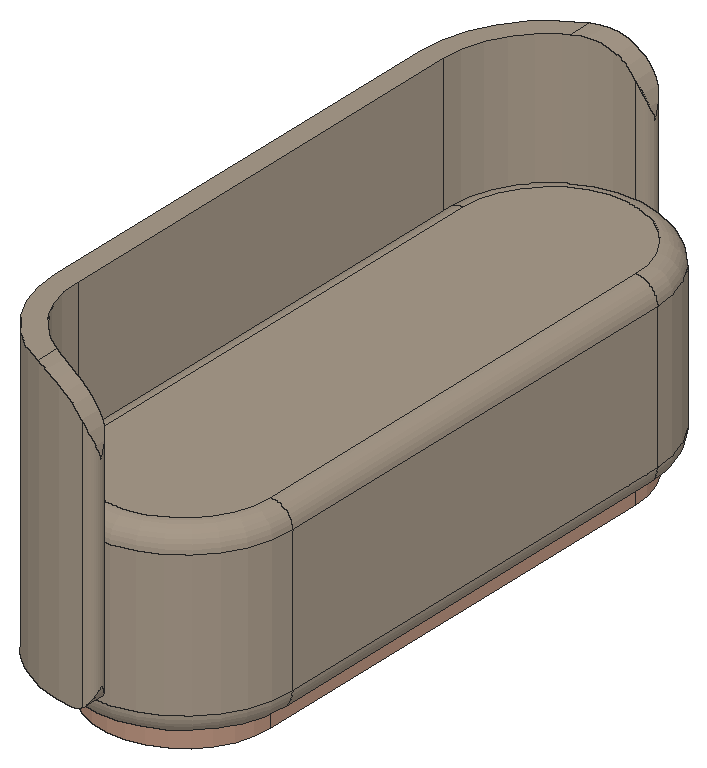
Revit family "Furniture_Chair_Tablet 7.1", category Furniture, Revit 2019
Family settings
  OmniClass Number = 23.21.23.15.17
  Work Plane-Based = Yes
  Always vertical = No
  Cut with Voids When Loaded = No
  Shared = No
  Room Calculation Point = No
Parameters (values of type "TABLET 7.1")
  Youtube clip = ""
  Uniformat II Description = "Movable Furnishings"
  Uniformat II Code = ""
  Uniclass 2015 Name = ""
  Uniclass 2015 Code = ""
  Uniclass 2.0 Description = ""
  Uniclass 2.0 Code = ""
  Uniclass 1.4 Description = ""
  Uniclass 1.4 Code = ""
  UNSPSC Code = ""
  Technical description = ""
  Shell Material = Leather - Almond CPC10
  Frame Material = Wood - 1037 Sunny Yellow
  Region South America = "All"
  Region Oceania = "All"
  Region North America = "All"
  Region Middle East = "All"
  Region Europe = "All"
  Region Asia = "All"
  Region Antarctica = "All"
  Region Africa = "All"
  QR code = "https://www.sandlerseating.com/product/tablet-7-1/"
  Product url = "https://www.sandlerseating.com/product/tablet-7-1/"
  Product name = "TABLET 7.1"
  Product group = "Chair"
  Product family = "Furniture"
  Product data url = "https://www.sandlerseating.com/product/tablet-7-1/"
  Product certification = ""
  Product SKU = "??"
  Product Guid = "??"
  OmniClass Description = ""
  OmniClass Code = "23-21 23 15 17"
  NBS Reference Description = ""
  NBS Reference Code = ""
  Model = "TABLET 7.1"
  Masterformat 2014 Description = "Chair Mats"
  Masterformat 2014 Code = "12 48 43.13"
  Manufacturer name = "Sandler"
  Manufacturer country = "USA"
  Manufacturer = "Sandler"
  Installation instructions = ""
  IFC Classification = "Furnishing Element"
  GTIN code = ""
  Edition number = 1
  Design country = "Brasil"
  Description = "Chair"
  Default Elevation = 0.000 mm
  Date of publishing = ""
  COBIe Type Category = ""
  Brand url = "https://www.sandlerseating.com/"
  BIMobject main category code = "furniture"
  BIMobject main category = "Furniture"
  BIMobject category code = "furniture-chair"
  BIMobject category = "Chair"
Reference planes
  plane 1 "Center Front/Back": x = 0
  plane 2: z = 0
  plane 3 "Center Left/Right": x = 0
  plane 4: z = 480
  plane 5: z = 45
  plane 6: z = 770
  plane 7: x = -830
  plane 8: x = 830
  plane 9: x = 300
  plane 10: x = -300
  plane 11: x = -250
  plane 12: x = 250
  plane 13: y = -780
  plane 14: y = 780
Forms (mm)
  Extrusion 1, solid, material "Leather - Almond CPC10" <- "Shell Material"
    sketch origin (0, 0, 800) x (0, -1, 0) y (1, 0, 0)
      loop
        arc (530, -250) -> (780, 0) -> (530, 250) r 250
        line (530, 250) -> (-530, 250)
        arc (-530, 250) -> (-780, 0) -> (-530, -250) r 250
        line (-530, -250) -> (530, -250)
    from -755 to -320
  Sweep 2, void
    path in 3D
      loop
        arc (250, 530, 480) -> (0, 780, 480) -> (-250, 530, 480) r 250
        line (-250, 530, 480) -> (-250, -530, 480)
        arc (-250, -530, 480) -> (0, -780, 480) -> (250, -530, 480) r 250
        line (250, -530, 480) -> (250, 530, 480)
    profile origin (250, 0, 480) x (-1, 0, 0) y (0, 0, 1)
      loop
        line (0, 0) -> (0, -50)
        arc (0, -50) -> (14.645, -14.645) -> (50, 0) r 50
        line (50, 0) -> (0, 0)
      loop
        line (0, -435) -> (50, -435)
        arc (50, -435) -> (14.645, -420.355) -> (0, -385) r 50
        line (0, -385) -> (0, -435)
  Extrusion 3, solid, material "Wood - 1037 Sunny Yellow" <- "Frame Material"
    sketch origin (0, 0, 800) x (0, -1, 0) y (1, 0, 0)
      loop
        arc (530, -200) -> (730, 0) -> (530, 200) r 200
        line (530, 200) -> (-530, 200)
        arc (-530, 200) -> (-730, 0) -> (-530, -200) r 200
        line (-530, -200) -> (530, -200)
    from -800 to -755
  Extrusion 4, solid, material "Leather - Almond CPC10" <- "Shell Material"
    sketch origin (0, 0, 800) x (0, -1, 0) y (1, 0, 0)
      loop
        arc (780, 0) -> (706.777, -176.777) -> (530, -250) r 250
        line (530, -250) -> (-530, -250)
        arc (-530, -250) -> (-706.777, -176.777) -> (-780, 0) r 250
        arc (-780, 0) -> (-805, 25) -> (-830, 0) r 25
        arc (-830, 0) -> (-742.132, -212.132) -> (-530, -300) r 300
        line (-530, -300) -> (530, -300)
        arc (530, -300) -> (742.132, -212.132) -> (830, 0) r 300
        arc (830, 0) -> (805, 25) -> (780, 0) r 25
    from -702.721 to -30
  Extrusion 5, void
    sketch origin (0, 0, 0) x (-1, 0, 0) y (0, 0, 1)
      loop
        line (-25, 770) -> (-25, 620)
        arc (-25, 620) -> (18.934, 726.066) -> (125, 770) r 150
        line (125, 770) -> (-25, 770)
      loop
        line (-25, 97.279) -> (25, 97.279)
        arc (25, 97.279) -> (-10.355, 111.924) -> (-25, 147.279) r 50
        line (-25, 147.279) -> (-25, 97.279)
    from -830 to 830
Cuts and joins
  Sweep 2 cuts Extrusion 1
  Extrusion 5 cuts Extrusion 4
Lines and regions (mm)
  sketch lines
    curve 1: line (250, -530, 480) -> (250, 530, 480)
    curve 2: arc (-250, 530, 480) -> (0, 780, 480) -> (250, 530, 480) r 250
    curve 3: line (-250, 530, 480) -> (-250, -530, 480)
    curve 4: arc (250, -530, 480) -> (0, -780, 480) -> (-250, -530, 480) r 250
Dimensions and locks
  aligned and locked: level to plane 2
